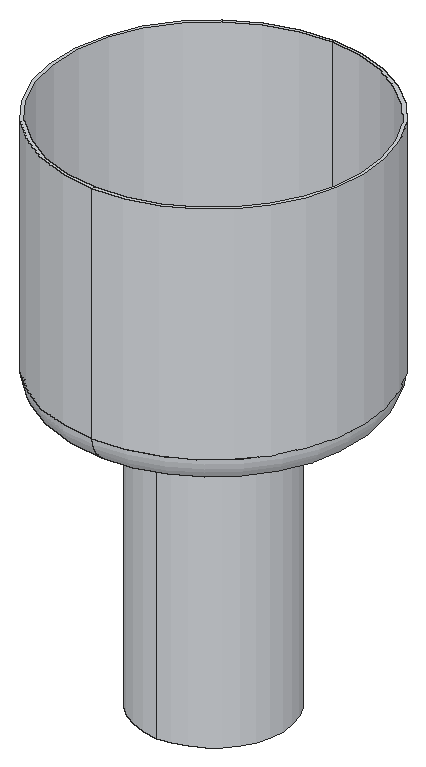
Revit family "RS565.80", category Sanitärinstallationen, Revit 2020
Family settings
  Bemaßung runder Anschluss = Durchmesser verwenden
  Teiletyp = Normal
  Arbeitsebenenbasiert = Nein
  Immer vertikal = Ja
  Beim Laden mit Abzugskörper schneiden = Nein
  Gemeinsam genutzt = Nein
  Raumberechnungspunkt = Nein
Parameters
  Übergangsbride [instance] = no
  Vorgabe-Ansicht = 0 mm
  URL = "https://www.resitec.ch/"
  RSsp_H1 [instance] = Höhe - 23 mm  # 335 mm
  RS_s001 = 2 mm
  RS_dimH-mountplate [instance] = Höhe Montageset  # 110 mm
  RS_dimH-Rost [instance] = 69 mm
  RS_dim001 = 80.135 mm
  RS_dim002 = 142 mm
  RS_dim003 = RS_dim001 + 5 mm  # 85.135 mm
  RS_dia002 = 150 mm
  RS_dia001 = 245 mm  # constant formula
  RS_DVol-T = 345 mm
  RS_DVol-L = 345 mm
  RS_DN2 = 0 mm
  RS_DN1d = 88.9 mm
  RS_DN1 = 80 mm
  RS_AVol-T = 129 mm
  RS_AVol-L = 129 mm
  RS_AVol-H = 200 mm
  RS511.2.239 Schlitzrost [instance] = yes
  RS_URL = "https://resitec.ch/entwaesserungstechnik/glockensifons/?tx_resitecprodukte_produktliste%5Bprodukt%5D=81&tx_resitecprodukte_produktliste%5Baction%5D=show&tx_resitecprodukte_produktliste%5Bcontroller%5D=Produkt&cHash=6d57d6ed01fa84a4cd1852db563116bd"
  RS_Rost_h1 [instance] = 23 mm  # constant formula
  RS_Rost_Typ [instance] = if(RS511.2.239 Schlitzrost, "RS511.2.145", if(RS512.6.239 Lochrost 6mm, "RS511.3.145", if(RS513A.239 Gitterrost, "RS512.6.145", "Bitte Rosttyp Angfeben")))  # "RS511.2.145"
  RS_Manufacture = "Resitec"  # constant formula
  RS_Description [instance] = if(RS511.2.239 Schlitzrost, "Bodenablauf aus rostfreiem Stahl 1.4404 gebeizt, Typ RS 500K/80 mit Schlitzrost barfuss begehbar.", if(RS512.6.239 Lochrost 6mm, "Bodenablauf aus rostfreiem Stahl 1.4404 gebeizt, Typ RS 500K/80 mit Lochrost 6 mm befahrbar.", if(RS513A.239 Gitterrost, "Bodenablauf aus rostfreiem Stahl 1.4404 gebeizt, Typ RS 500K/80 mit Gitterrost befahrbar.", "Bitte Rosttyp Definieren")))  # "Bodenablauf aus rostfreiem Stahl 1.4404 gebeizt, Typ RS 500K/80 mit Schlitzrost barfuss begehbar."
  RS_Articelnumber [instance] = if(RS511.2.239 Schlitzrost, "RS500K.80.2.245", if(RS512.6.239 Lochrost 6mm, "RS500K.80.3.245", if(RS513A.239 Gitterrost, "RS500K.80.6.245", "Bitte Rosttyp Definieren")))  # "RS500K.80.2.245"
  RS_Add_1 [instance] = ""
  RS03 Rost verschraubt [instance] = no
  RS050.100 Montageset [instance] = yes
  RS513A.239 Gitterrost [instance] = no
  RS512.6.239 Lochrost 6mm [instance] = no
  Klebeblech mit Epoxidgrundierung = no
  Höhe [instance] = 358 mm
  Höhe Montageset [instance] = 110 mm
  Hersteller = RS_Manufacture  # "Resitec"
  Description = ""
  Baugruppenkennzeichen = "D2030300"
  Anschlusswert DU L/s = 0
Reference planes
  plane 1 "Mitte (Vorne/hinten)": y = 0
  plane 2: z = 0
  plane 3 "Mitte (Links/rechts)": x = 0
  plane 4: z = -335
  plane 5: z = 10
  plane 6: x = 172.5
  plane 7: y = 172.5
  plane 8: x = -172.5
  plane 9: y = -172.5
  plane 10: y = 64.5
  plane 11: x = 64.5
  plane 12: x = -64.5
  plane 13: y = -64.5
  plane 14: z = 23
  plane 15: z = -7.5
  plane 16: z = 2
  plane 17: z = -110
  plane 18: x = -122.5
  plane 19: y = 122.5
  plane 20: x = 122.5
  plane 21: y = -122.5
  plane 22: z = 0
Lines and regions (mm)
  reference lines
    curve 1: line (-60, 0, 0) -> (60, 0, 0)
    curve 2: line (0, 60, 0) -> (0, -60, 0)
    curve 3: line (-55.15, 0, 0) -> (55.15, 0, 0)
    curve 4: line (0, 55.15, 0) -> (0, -55.15, 0)
    curve 5: line (-70.5, 0, 0) -> (70.5, 0, 0)
    curve 6: line (0, -70.5, 0) -> (0, 70.5, 0)
Dimensions and locks
  "RSsp_H1": level to plane 4
  equal spacing: plane 7, plane 1 "Mitte (Vorne/hinten)", plane 9
  equal spacing: plane 8, plane 3 "Mitte (Links/rechts)", plane 6
  "RS_DVol-T": plane 7 to plane 9
  "RS_DVol-L": plane 8 to plane 6
  equal spacing: plane 12, plane 3 "Mitte (Links/rechts)", plane 11
  "RS_AVol-L": plane 12 to plane 11
  equal spacing: plane 10, plane 1 "Mitte (Vorne/hinten)", plane 13
  "RS_AVol-T": plane 10 to plane 13
  "RS_s001": plane 16 to level
  "RS_Rost_h1": plane 14 to level
  "Höhe Montageset": level to plane 17
  "RS_dia001": plane 18 to plane 20
  "RS_dia001": plane 19 to plane 21
  equal spacing: plane 18, plane 3 "Mitte (Links/rechts)", plane 20
  equal spacing: plane 19, plane 1 "Mitte (Vorne/hinten)", plane 21
  locked: level to plane 15 at 7.5
  plane 14 to plane 22 = 23 mm
  aligned and locked: level to plane 2
  aligned and locked: nested 1 to level
  aligned and locked: level to plane 22
Automatic sketch dimensions
  plane 1 "Mitte (Vorne/hinten)" to curve 5 = 0 mm
  plane 1 "Mitte (Vorne/hinten)" to curve 1 = 0 mm
  plane 1 "Mitte (Vorne/hinten)" to curve 3 = 0 mm
  curve 2 to plane 3 "Mitte (Links/rechts)" = 0 mm
  curve 6 to plane 3 "Mitte (Links/rechts)" = 0 mm
  curve 4 to plane 3 "Mitte (Links/rechts)" = 0 mm
  curve 3 to plane 3 "Mitte (Links/rechts)" = 55.15 mm
  curve 1 to curve 3 = 4.85 mm
  curve 5 to curve 1 = 10.5 mm
  plane 3 "Mitte (Links/rechts)" to curve 3 = 55.15 mm
  curve 3 to curve 1 = 4.85 mm
  curve 1 to curve 5 = 10.5 mm
  plane 1 "Mitte (Vorne/hinten)" to curve 4 = 55.15 mm
  curve 2 to curve 4 = 4.85 mm
  curve 6 to curve 2 = 10.5 mm
  curve 4 to plane 1 "Mitte (Vorne/hinten)" = 55.15 mm
  curve 4 to curve 2 = 4.85 mm
  curve 2 to curve 6 = 10.5 mm
Nested families
  nested 1: "RS561K.xx" at (0, 0, 0), RSsp_H1 <- "RSsp_H1", type "DN80"
    with Übergangsbride no, Rückstaudichtung RS644.60 no, RSsp_H1 335 mm, RS_dimH-Rost 279 mm, RS_Rost_h1 317 mm, RS_Rost_Typ "RS511.2.145", RS_Description "Glockensifon aus rostfreiem Stahl 1.4404 gebeizt, Typ RS 425/70, bestehend aus: Ablaufteil mit Abgang ø 63.5 mm, vertikal Lochrost 4 mm ø 124 mm aus rostfreiem Stahl 1.4301 gebeizt mit angeschweisster Glocke, barfuss begehbar und mit Rollstuhl befahrbar", RS_Articelnumber "RS425.60.4.129", RS_Add_1 "", Höhe 345 mm
Connectors
  piping at (0, 0, -335), diameter 80, driven by "RS_DN1"
    settings: on nested 1, index 1, connector inside diameter 609.6 mm, connector length 0 mm, flow factor 0, pipe flow 0.0 L/s, pressure drop 0.0 Pa, fitting loss kfactor 0, connector angle 0.00°, fixture units 0, engagement length 0 mm, angle of deflection 0.00°, flow configuration 0, flow direction 0, fitting loss method 0, system type 16, joint type 0, gender type 0, connector reference index -1, connector utility 0, adjustable connector no, is connector primary yes, connector description ""
Definition of nested family "RS561K.xx"
  Parameters (values of type "DN100")
    Übergangsbride [instance] = no
    Default Elevation = 0 mm
    URL = "https://www.resitec.ch/"
    RSsp_H1 [instance] = 345 mm
    RS_s001 = 3 mm
    RS_dimH-Rost [instance] = RS_Rost_h1 - 38 mm  # 279 mm
    RS_dim001 = 159 mm
    RS_dim002 = RS_dim001  # 159 mm
    RS_dim003 = 25 mm
    RS_dia002 = 130 mm
    RS_dia001 = 192 mm
    RS_DVol-T = 300 mm
    RS_DVol-L = 300 mm
    RS_DN2 = 0 mm
    RS_DN1d = 110 mm
    RS_DN1 = 100 mm
    RS_AVol-T = 129 mm
    RS_AVol-L = 129 mm
    RS_AVol-H = 200 mm
    RS_URL = ""
    RS_Rost_h1 [instance] = 317 mm
    RS_Rost_Typ [instance] = ""
    RS_Manufacture = "Resitec"  # constant formula
    RS_Description [instance] = "Glockensifon aus rostfreiem Stahl 1.4404 gebeizt, Typ RS 425/70, bestehend aus: Ablaufteil mit Abgang ø 63.5 mm, vertikal Lochrost 4 mm ø 124 mm aus rostfreiem Stahl 1.4301 gebeizt mit angeschweisster Glocke, barfuss begehbar und mit Rollstuhl befahrbar"  # constant formula
    RS_Articelnumber [instance] = "RS519.245"
    RS_Add_1 [instance] = ""
    Rückstaudichtung RS644.60 [instance] = no
    Höhe [instance] = 345 mm
    Manufacturer = RS_Manufacture  # "Resitec"
    Description = ""
    Assembly Code = "D2030300"
    Anschlusswert DU L/s = 0
  Types (5, lengths in mm): name | RSsp_H1 | RS_dim001 | RS_dim002 | RS_dia001 | RS_DN1d | RS_DN1 | RS_URL | RS_Rost_Typ | RS_Articelnumber
    DN40 | 335.757 | 122 | 122 | 129 | 48 | 40 | "https://resitec.ch/entwaesserungstechnik/bodenablauf/?tx_resitecprodukte_produktliste%5Bprodukt%5D=1&tx_resitecprodukte_produktliste%5Baction%5D=show&tx_resitecprodukte_produktliste%5Bcontroller%5D=Produkt&cHash=cee8b11d3745fbe960417df4e1698a16" | "RS511.2.145" | "RS425.60.4.129"
    DN60 | 335.757 | 122 | 122 | 129 | 63 | 60 | "https://resitec.ch/entwaesserungstechnik/glockensifons/?tx_resitecprodukte_produktliste%5Bprodukt%5D=71&tx_resitecprodukte_produktliste%5Baction%5D=show&tx_resitecprodukte_produktliste%5Bcontroller%5D=Produkt&cHash=81896261f04a31d1bb8fc8234e01d3bc" | "RS511.2.145" | "RS425.60.4.129"
    DN70 | 345 | 122 | 122 | 129 | 76 | 70 | "" | "" | "RS561K.xx"
    DN80 | 345 | 159 | 159 | 192 | 89 | 80 | "" | "" | "RS519.245"
    DN100 | 345 | 159 | 159 | 192 | 110 | 100 | "" | "" | "RS519.245"
  Reference planes
    plane 1 "Mitte (Vorne/hinten)": y = 0
    plane 2: z = 0
    plane 3 "Mitte (Links/rechts)": x = 0
    plane 4: y = -96
    plane 5: y = 96
    plane 6: z = -159
    plane 7: z = -159
    plane 8: y = -55
    plane 9: y = 55
    plane 10: z = -345
  Forms (mm)
    Revolve 1, solid
      sketch origin (0, 0, 0) x (0, 1, 0) y (0, 0, 1)
        loop
          line (0, -159.078) -> (0, -345) -> (55, -345) -> (55, -159.078) -> (0, -159.078)
        axis (0, -159.078) -> (0, -345)
      angle from 0 to 360
    Revolve 2, solid
      sketch origin (0, 0, 0) x (0, 1, 0) y (0, 0, 1)
        loop
          line (-96, 0) -> (-96, -142.204)
          arc (-96, -142.204) -> (-91.081, -154.081) -> (-79.204, -159) r 16.796
          line (-79.204, -159) -> (0, -159) -> (0, -157) -> (-81.272, -157)
          arc (-81.272, -157) -> (-90.272, -153.272) -> (-94, -144.272) r 12.728
          line (-94, -144.272) -> (-94, 0) -> (-96, 0)
        axis (0, -159) -> (0, 0)
      angle from 0 to 360
  Dimensions and locks
    "RS_dia001": plane 4 to plane 5
    equal spacing: plane 4, plane 1 "Mitte (Vorne/hinten)", plane 5
    "RS_dim001": level to plane 7
    "RS_dim002": level to plane 6
    "RS_DN1d": plane 8 to plane 9
    equal spacing: plane 8, plane 1 "Mitte (Vorne/hinten)", plane 9
    Revolve 2 sketch curve to Revolve 2 sketch curve = 2 mm  (x2)
    "RSsp_H1": level to plane 10
    radius of Revolve 2 sketch curve = 12.728 mm
    radius of Revolve 2 sketch curve = 16.796 mm
    aligned and locked: level to plane 2
    aligned and locked: Revolve 1 sketch curve to plane 1 "Mitte (Vorne/hinten)"
    aligned and locked: plane 9 to Revolve 1 sketch curve
    aligned and locked: Revolve 1 sketch curve to Revolve 1 sketch curve
    aligned and locked: level to Revolve 2 sketch curve
    aligned and locked: Revolve 2 sketch curve to plane 1 "Mitte (Vorne/hinten)"  (x2)
    aligned and locked: Revolve 2 sketch curve to plane 7
    aligned and locked: plane 4 to Revolve 2 sketch curve
    aligned and locked: plane 10 to Revolve 1
  Automatic sketch dimensions
    Revolve 1 sketch curve to plane 9 = 0 mm
    Revolve 1 sketch curve to plane 6 = 0 mm
    Revolve 1 sketch curve to Revolve 1 sketch curve = 196.243 mm
    Revolve 1 sketch curve to plane 6 = 0.078 mm
    Revolve 2 sketch curve to plane 6 = 20 mm
    level to Revolve 2 sketch curve = 13 mm
    Revolve 1 sketch curve to Revolve 1 sketch curve = 185.922 mm
  Connectors
    piping at (0, 0, -345), diameter 100, driven by "RS_DN1"
      settings: on Revolve 1, index 1, connector inside diameter 609.6 mm, connector length 0 mm, flow factor 0, pipe flow 0.0 L/s, pressure drop 0.0 Pa, fitting loss kfactor 0, connector angle 0.00°, fixture units 0, engagement length 0 mm, angle of deflection 0.00°, flow configuration 0, flow direction 0, fitting loss method 0, system type 7, joint type 0, gender type 0, connector reference index -1, connector utility 0, adjustable connector no, is connector primary yes, connector description ""
